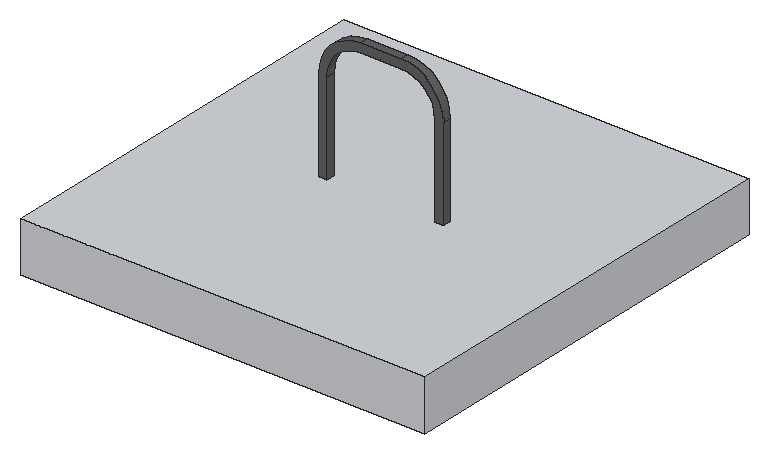
Revit family "Bike_Rack-Saris_Parking-Bike_Dock", category Site, host Face, Revit 2014 (continued)
Definition of nested family "Bicycle-Saris_Parking-2D"
  Definition of nested family "FRONT"
    Lines and regions (in)
      symbolic lines, style "Bike 2D"
        curve 102: spline (1.43216, -32.72886, 24.13098) -> (1.54705, -32.72886, 24.18547) -> (1.69494, -32.72886, 24.22564) -> (1.86479, -32.72886, 24.24847) -> (2.04393, -32.72886, 24.25226) -> (2.21897, -32.72886, 24.23674) -> (2.37687, -32.72886, 24.20306) -> (2.50582, -32.72886, 24.15373) -> (2.59621, -32.72886, 24.09244) -> (2.64129, -32.72886, 24.02376) -> (2.63769, -32.72886, 23.95281) -> (2.58569, -32.72886, 23.8849) -> (2.48916, -32.72886, 23.82509)
        curve 103: line (2.48916, -32.72886, 24.1618) -> (2.48916, -32.72886, 12.40829)
        curve 104: spline (0.0109, -32.72886, 26.78579) -> (0.19912, -32.72886, 26.7645) -> (0.38314, -32.72886, 26.71961) -> (0.55999, -32.72886, 26.65185) -> (0.72684, -32.72886, 26.56229) -> (0.88102, -32.72886, 26.45239) -> (1.02004, -32.72886, 26.32391) -> (1.14168, -32.72886, 26.1789) -> (1.24399, -32.72886, 26.01969) -> (1.32531, -32.72886, 25.84885) -> (1.38435, -32.72886, 25.6691) -> (1.42016, -32.72886, 25.48335) -> (1.43216, -32.72886, 25.29456)
        curve 105: spline (0.0109, -32.72886, 26.56475) -> (0.1762, -32.72886, 26.54429) -> (0.33767, -32.72886, 26.50348) -> (0.49281, -32.72886, 26.44295) -> (0.63923, -32.72886, 26.36366) -> (0.77464, -32.72886, 26.26681) -> (0.89697, -32.72886, 26.15392) -> (1.0043, -32.72886, 26.02673) -> (1.09498, -32.72886, 25.8872) -> (1.16761, -32.72886, 25.73752) -> (1.22105, -32.72886, 25.57998) -> (1.25449, -32.72886, 25.41703) -> (1.2674, -32.72886, 25.2512)
        curve 106: line (1.2674, -32.72886, 25.2512) -> (1.2674, -32.72886, 14.16019)
        curve 107: line (1.43216, -32.72886, 25.29456) -> (1.43216, -32.72886, 14.15103)
        curve 108: spline (1.92611, -32.72886, 12.60219) -> (2.06706, -32.72886, 12.60137) -> (2.20182, -32.72886, 12.58519) -> (2.31967, -32.72886, 12.55496) -> (2.41125, -32.72886, 12.51307) -> (2.46929, -32.72886, 12.46285) -> (2.48916, -32.72886, 12.40829) -> (2.46929, -32.72886, 12.35373) -> (2.41125, -32.72886, 12.30351) -> (2.31967, -32.72886, 12.26162) -> (2.20182, -32.72886, 12.23139) -> (2.06706, -32.72886, 12.21521) -> (1.92611, -32.72886, 12.21439)
        curve 109: spline (1.92611, -32.72886, 12.21439) -> (1.80967, -32.72886, 12.22585) -> (1.70359, -32.72886, 12.24784) -> (1.61398, -32.72886, 12.27908) -> (1.546, -32.72886, 12.31778) -> (1.50358, -32.72886, 12.36169) -> (1.48916, -32.72886, 12.40829) -> (1.50358, -32.72886, 12.45489) -> (1.546, -32.72886, 12.4988) -> (1.61398, -32.72886, 12.5375) -> (1.70359, -32.72886, 12.56874) -> (1.80967, -32.72886, 12.59073) -> (1.92611, -32.72886, 12.60219)
        curve 110: line (1.48916, -32.72886, 14.16019) -> (1.48916, -32.72886, 12.41019)
        curve 111: line (1.23916, -32.72886, 12.41019) -> (1.23916, -32.72886, 14.16019)
        curve 112: line (1.23916, -32.72886, 14.16019) -> (1.48916, -32.72886, 14.16019)
        curve 113: line (2.48916, -32.72886, 18.14677) -> (2.65732, -32.72886, 13.54032)
        curve 114: spline (2.65732, -32.72886, 13.54032) -> (2.66841, -32.72886, 13.53327) -> (2.67476, -32.72886, 13.52597) -> (2.67632, -32.72886, 13.5185) -> (2.67305, -32.72886, 13.51094) -> (2.66501, -32.72886, 13.50339) -> (2.65227, -32.72886, 13.49593) -> (2.635, -32.72886, 13.48865) -> (2.61338, -32.72886, 13.48164) -> (2.58767, -32.72886, 13.47496) -> (2.55816, -32.72886, 13.46871) -> (2.5252, -32.72886, 13.46294) -> (2.48916, -32.72886, 13.45774)
        curve 115: line (2.61416, -32.72886, 12.71421) -> (2.61416, -32.72886, 13.48186)
        curve 116: line (2.48916, -32.72886, 12.71421) -> (2.61416, -32.72886, 12.71421)
        curve 117: line (1.72, -32.72886, 26.07622) -> (1.25791, -32.72886, 25.99408)
        curve 118: line (1.48916, -32.72886, 12.41019) -> (1.23916, -32.72886, 12.41019)
        curve 119: line (0.98916, -32.72886, 29.39579) -> (0.98916, -32.72886, 26.35537)
        curve 120: arc (-1.053, -32.72886, 25.48285) -> (0.00001, -32.72886, 25.9833) -> (1.0748, -32.72886, 25.53151) r 1.4271
        curve 121: line (1.0748, -32.72886, 0.45197) -> (1.0748, -32.72886, 25.53151)
        curve 122: line (6.53264, -32.72886, 16.70214) -> (3.03264, -32.72886, 16.70214)
        curve 123: line (3.03264, -32.72886, 15.47834) -> (6.53264, -32.72886, 15.47834)
        curve 124: line (6.53264, -32.72886, 15.47834) -> (6.53264, -32.72886, 16.70214)
        curve 125: line (3.03264, -32.72886, 16.70214) -> (3.03264, -32.72886, 15.47834)
        curve 126: line (2.09514, -32.72886, 11.39854) -> (1.61416, -32.72886, 11.39854)
        curve 127: line (1.61416, -32.72886, 10.52339) -> (1.61416, -32.72886, 12.279)
        curve 128: line (1.43201, -32.72886, 10.52339) -> (1.61416, -32.72886, 10.52339)
        curve 129: line (1.42977, -32.72886, 10.08488) -> (1.43216, -32.72886, 10.55308)
        curve 130: spline (1.42977, -32.72886, 10.08488) -> (1.43212, -32.72886, 10.06352) -> (1.42843, -32.72886, 10.04217) -> (1.41873, -32.72886, 10.02091) -> (1.40304, -32.72886, 9.99984) -> (1.38144, -32.72886, 9.97904) -> (1.35401, -32.72886, 9.95858) -> (1.32086, -32.72886, 9.93856) -> (1.28213, -32.72886, 9.91905) -> (1.23797, -32.72886, 9.90014) -> (1.18856, -32.72886, 9.88189) -> (1.1341, -32.72886, 9.86438) -> (1.0748, -32.72886, 9.84769)
        curve 131: line (-3.31736, -32.72886, 7.71401) -> (-2.75486, -32.72886, 7.71401)
        curve 132: line (-3.31736, -32.72886, 7.37117) -> (-2.75486, -32.72886, 7.37117)
        curve 133: line (2.09514, -32.72886, 10.83257) -> (2.47014, -32.72886, 10.83257)
        curve 134: line (2.09514, -32.72886, 10.83257) -> (2.09514, -32.72886, 12.22548)
        curve 135: line (2.47014, -32.72886, 12.35489) -> (2.47014, -32.72886, 10.83257)
        curve 136: line (3.03264, -32.72886, 16.3395) -> (2.55514, -32.72886, 16.3395)
        curve 137: line (3.03264, -32.72886, 15.95822) -> (2.56906, -32.72886, 15.95822)
    Dimensions and locks (in)
      aligned and locked: plane 2 to level
  Definition of nested family "BACK"
    Reference planes (in)
      plane 1 "Center (Front/Back)": y = 0
      plane 2: z = 0
      plane 3 "Center (Left/Right)": x = 0
    Lines and regions (in)
      symbolic lines, style "Bike 2D"
        curve 1: line (-2.13398, -32.72886, 38.61259) -> (-0.60631, -32.72886, 38.61259)
        curve 2: line (2.15853, -32.72886, 39.61258) -> (-2.15853, -32.72886, 39.61259)
        curve 3: line (-4.48712, -32.72886, 41.10249) -> (-4.76111, -32.72886, 41.83437)
        curve 4: line (-5.90729, -32.72886, 42.78626) -> (-6.94702, -32.72886, 42.63769)
        curve 5: line (-6.86145, -32.72886, 41.61951) -> (-5.81193, -32.72886, 41.78914)
        curve 6: line (-5.81193, -32.72886, 41.78914) -> (-5.41157, -32.72886, 40.71965)
        curve 7: line (-9.07673, -32.72886, 41.14538) -> (-7.21344, -32.72886, 41.42217)
        curve 8: line (-7.41495, -32.72886, 42.77873) -> (-9.27825, -32.72886, 42.50194)
        curve 9: arc (-7.41495, -32.72886, 42.77873) -> (-7.16521, -32.72886, 42.76056) -> (-6.94702, -32.72886, 42.63769) r 0.57343
        curve 10: arc (-6.86145, -32.72886, 41.61951) -> (-7.01931, -32.72886, 41.4885) -> (-7.21344, -32.72886, 41.42217) r 0.56748
        curve 11: arc (-9.27825, -32.72886, 42.50194) -> (-9.7904, -32.72886, 41.73261) -> (-9.07673, -32.72886, 41.14538) r 0.68925
        curve 12: arc (-5.90729, -32.72886, 42.78626) -> (-5.20771, -32.72886, 42.46262) -> (-4.76111, -32.72886, 41.83437) r 1.50051
        curve 13: arc (-2.15853, -32.72886, 39.61259) -> (-3.54075, -32.72886, 40.01694) -> (-4.48712, -32.72886, 41.10249) r 2.56464
        curve 14: arc (-2.13398, -32.72886, 38.61259) -> (-4.08221, -32.72886, 39.18479) -> (-5.41157, -32.72886, 40.71965) r 3.60272
        curve 15: arc (-6.94702, -32.72886, 42.63769) -> (-7.23963, -32.72886, 42.10041) -> (-6.86145, -32.72886, 41.61951) r 0.55602
        curve 16: line (-0.60631, -32.72886, 37.90795) -> (-0.60631, -32.72886, 39.27317)
        curve 17: line (-0.60631, -32.72886, 39.27317) -> (-0.60631, -32.72886, 39.61259)
        curve 18: line (-0.48131, -32.72886, 34.47766) -> (-0.48131, -32.72886, 33.13048)
        curve 19: line (-1.26369, -32.72886, 37.79678) -> (-2.6967, -32.72886, 37.30892)
        curve 20: line (-4.04629, -32.72886, 35.16642) -> (-3.88564, -32.72886, 36.47484)
        curve 21: line (-3.36378, -32.72886, 34.68596) -> (-3.7035, -32.72886, 34.72767)
        curve 22: line (-2.53039, -32.72886, 34.47766) -> (0.47521, -32.72886, 34.47766)
        curve 23: spline (-0.91884, -32.72886, 31.71068) -> (-1.08101, -32.72886, 31.56216) -> (-1.21986, -32.72886, 31.39168) -> (-1.33245, -32.72886, 31.20288) -> (-1.41638, -32.72886, 30.99975) -> (-1.46988, -32.72886, 30.78659) -> (-1.49181, -32.72886, 30.56794) -> (-1.48171, -32.72886, 30.34843) -> (-1.43979, -32.72886, 30.1327) -> (-1.36694, -32.72886, 29.92535) -> (-1.26471, -32.72886, 29.73076) -> (-1.13526, -32.72886, 29.55306) -> (-0.98134, -32.72886, 29.39602)
        curve 24: line (-2.6967, -32.72886, 37.30892) -> (-3.88564, -32.72886, 36.47484)
        curve 25: arc (-4.04629, -32.72886, 35.16642) -> (-3.96576, -32.72886, 34.87605) -> (-3.7035, -32.72886, 34.72767) r 0.3937
        curve 26: arc (-3.36378, -32.72886, 34.68596) -> (-2.94069, -32.72886, 34.60742) -> (-2.53039, -32.72886, 34.47766) r 3.50811
        curve 27: arc (-1.26369, -32.72886, 37.79678) -> (-0.93947, -32.72886, 37.87882) -> (-0.60631, -32.72886, 37.90795) r 2.08439
        curve 28: line (1.25759, -32.72886, 37.79678) -> (2.6906, -32.72886, 37.30892)
        curve 29: line (4.04019, -32.72886, 35.16642) -> (3.87953, -32.72886, 36.47484)
        curve 30: line (3.35768, -32.72886, 34.68596) -> (3.6974, -32.72886, 34.72767)
        curve 31: line (2.52429, -32.72886, 34.47766) -> (0.47521, -32.72886, 34.47766)
        curve 32: line (2.6906, -32.72886, 37.30892) -> (3.87953, -32.72886, 36.47484)
        curve 33: arc (4.04019, -32.72886, 35.16642) -> (3.95966, -32.72886, 34.87605) -> (3.6974, -32.72886, 34.72767) r 0.3937
        curve 34: arc (3.35768, -32.72886, 34.68596) -> (2.93458, -32.72886, 34.60742) -> (2.52429, -32.72886, 34.47766) r 3.50811
        curve 35: arc (1.25759, -32.72886, 37.79678) -> (0.93337, -32.72886, 37.87882) -> (0.60021, -32.72886, 37.90795) r 2.08439
        curve 36: line (2.12788, -32.72886, 38.61259) -> (0.60021, -32.72886, 38.61259)
        curve 37: line (4.48102, -32.72886, 41.10249) -> (4.75501, -32.72886, 41.83437)
        curve 38: line (5.90119, -32.72886, 42.78626) -> (6.94092, -32.72886, 42.63769)
        curve 39: line (6.85535, -32.72886, 41.61951) -> (5.80583, -32.72886, 41.78914)
        curve 40: line (5.80583, -32.72886, 41.78914) -> (5.40547, -32.72886, 40.71965)
        curve 41: line (9.07063, -32.72886, 41.14538) -> (7.20734, -32.72886, 41.42217)
        curve 42: line (7.40885, -32.72886, 42.77873) -> (9.27215, -32.72886, 42.50194)
        curve 43: arc (7.40885, -32.72886, 42.77873) -> (7.15911, -32.72886, 42.76056) -> (6.94092, -32.72886, 42.63769) r 0.57343
        curve 44: arc (6.85535, -32.72886, 41.61951) -> (7.01321, -32.72886, 41.4885) -> (7.20734, -32.72886, 41.42217) r 0.56748
        curve 45: arc (9.27215, -32.72886, 42.50194) -> (9.7843, -32.72886, 41.73261) -> (9.07063, -32.72886, 41.14538) r 0.68925
        curve 46: arc (5.90119, -32.72886, 42.78626) -> (5.20161, -32.72886, 42.46262) -> (4.75501, -32.72886, 41.83437) r 1.50051
        curve 47: arc (2.15243, -32.72886, 39.61259) -> (3.53465, -32.72886, 40.01694) -> (4.48102, -32.72886, 41.10249) r 2.56464
        curve 48: arc (2.12788, -32.72886, 38.61259) -> (4.07611, -32.72886, 39.18479) -> (5.40547, -32.72886, 40.71965) r 3.60272
        curve 49: arc (6.94092, -32.72886, 42.63769) -> (7.23353, -32.72886, 42.10041) -> (6.85535, -32.72886, 41.61951) r 0.55602
        curve 50: line (0.60021, -32.72886, 37.90795) -> (0.60021, -32.72886, 39.27317)
        curve 51: line (0.60021, -32.72886, 39.27317) -> (0.60021, -32.72886, 39.61258)
        curve 52: line (0.47521, -32.72886, 34.47766) -> (0.47521, -32.72886, 33.11925)
        curve 53: spline (0.95616, -32.72886, 31.67504) -> (1.10635, -32.72886, 31.52779) -> (1.23459, -32.72886, 31.36113) -> (1.3384, -32.72886, 31.17828) -> (1.41576, -32.72886, 30.98281) -> (1.46517, -32.72886, 30.7785) -> (1.48568, -32.72886, 30.56931) -> (1.47687, -32.72886, 30.35931) -> (1.43894, -32.72886, 30.15256) -> (1.3726, -32.72886, 29.95309) -> (1.27915, -32.72886, 29.76476) -> (1.1604, -32.72886, 29.59122) -> (1.01866, -32.72886, 29.43584)
        curve 54: line (-2.08843, -32.72886, 26.09577) -> (-2.08843, -32.72886, 28.19822)
        curve 55: spline (-1.71215, -32.72886, 26.07643) -> (-1.81488, -32.72886, 26.09077) -> (-1.92219, -32.72886, 26.0982) -> (-2.03112, -32.72886, 26.0985) -> (-2.13868, -32.72886, 26.09168) -> (-2.24191, -32.72886, 26.07792) -> (-2.33797, -32.72886, 26.0576) -> (-2.42421, -32.72886, 26.03127) -> (-2.49826, -32.72886, 25.99967) -> (-2.55809, -32.72886, 25.96366) -> (-2.60203, -32.72886, 25.92423) -> (-2.62889, -32.72886, 25.88247) -> (-2.63793, -32.72886, 25.83953)
        curve 56: line (-2.63793, -32.72886, 25.83953) -> (-2.63793, -32.72886, 23.98759)
        curve 57: line (-3.33131, -32.72886, 8.08135) -> (-6.83131, -32.72886, 8.08135)
        curve 58: line (-6.83131, -32.72886, 6.85755) -> (-3.33131, -32.72886, 6.85755)
        curve 59: line (-6.83131, -32.72886, 8.08135) -> (-6.83131, -32.72886, 6.85755)
        curve 60: line (-3.33131, -32.72886, 6.85755) -> (-3.33131, -32.72886, 8.08135)
        curve 61: line (-2.76881, -32.72886, 7.00371) -> (-2.76881, -32.72886, 13.97398)
        curve 62: line (-2.39381, -32.72886, 13.97398) -> (-2.39381, -32.72886, 7.00371)
        curve 63: line (-2.76881, -32.72886, 7.00371) -> (-2.39381, -32.72886, 7.00371)
        curve 64: line (-1.71215, -32.72886, 26.07643) -> (-1.32416, -32.72886, 26.00746)
        curve 65: line (-2.39381, -32.72886, 11.39875) -> (-1.60631, -32.72886, 11.39875)
        curve 66: line (-1.60631, -32.72886, 10.5236) -> (-1.60631, -32.72886, 11.39875)
        curve 67: line (-1.42416, -32.72886, 10.5236) -> (-1.60631, -32.72886, 10.5236)
        curve 68: line (-1.42192, -32.72886, 10.08509) -> (-1.42416, -32.72886, 10.5236)
        curve 69: spline (-1.42192, -32.72886, 10.08509) -> (-1.42427, -32.72886, 10.06373) -> (-1.42058, -32.72886, 10.04238) -> (-1.41088, -32.72886, 10.02112) -> (-1.39519, -32.72886, 10.00005) -> (-1.37359, -32.72886, 9.97925) -> (-1.34616, -32.72886, 9.95879) -> (-1.31301, -32.72886, 9.93877) -> (-1.27428, -32.72886, 9.91926) -> (-1.23012, -32.72886, 9.90034) -> (-1.18071, -32.72886, 9.8821) -> (-1.12625, -32.72886, 9.86459) -> (-1.06695, -32.72886, 9.8479)
        curve 70: arc (1.06085, -32.72886, 0.45217) -> (-0.01395, -32.72886, 0.00021) -> (-1.06695, -32.72886, 0.50087) r 1.42671
        curve 71: line (2.08233, -32.72886, 28.19822) -> (-2.08843, -32.72886, 28.19822)
        curve 72: line (2.08233, -32.72886, 26.09803) -> (2.08233, -32.72886, 28.19822)
        curve 73: spline (1.7235, -32.72886, 26.07153) -> (1.82683, -32.72886, 26.08792) -> (1.93568, -32.72886, 26.09717) -> (2.04691, -32.72886, 26.09901) -> (2.15733, -32.72886, 26.09339) -> (2.26376, -32.72886, 26.08048) -> (2.36315, -32.72886, 26.06064) -> (2.45263, -32.72886, 26.03444) -> (2.52964, -32.72886, 26.00264) -> (2.59196, -32.72886, 25.96615) -> (2.6378, -32.72886, 25.92602) -> (2.66585, -32.72886, 25.88341) -> (2.67528, -32.72886, 25.83953)
        curve 74: line (2.67528, -32.72886, 25.83953) -> (2.67528, -32.72886, 23.99365)
        curve 75: line (0.95616, -32.72886, 31.86108) -> (0.95616, -32.72886, 30.82553)
        curve 76: line (6.51869, -32.72886, 16.70235) -> (3.01869, -32.72886, 16.70235)
        curve 77: line (3.01869, -32.72886, 15.47855) -> (6.51869, -32.72886, 15.47855)
        curve 78: line (6.51869, -32.72886, 15.47855) -> (6.51869, -32.72886, 16.70235)
        curve 79: line (3.01869, -32.72886, 16.70235) -> (3.01869, -32.72886, 15.47855)
        curve 80: line (2.26866, -32.72886, 11.39875) -> (1.64366, -32.72886, 11.39875)
        curve 81: line (1.64366, -32.72886, 10.5236) -> (1.64366, -32.72886, 11.39875)
        curve 82: line (1.41806, -32.72886, 10.5236) -> (1.64366, -32.72886, 10.5236)
        curve 83: line (1.41582, -32.72886, 10.08509) -> (1.41806, -32.72886, 10.5236)
        curve 84: spline (1.41582, -32.72886, 10.08509) -> (1.4182, -32.72886, 10.06502) -> (1.41525, -32.72886, 10.04495) -> (1.40698, -32.72886, 10.02496) -> (1.39343, -32.72886, 10.00512) -> (1.37464, -32.72886, 9.9855) -> (1.35067, -32.72886, 9.96616) -> (1.32162, -32.72886, 9.94718) -> (1.28759, -32.72886, 9.92862) -> (1.24869, -32.72886, 9.91055) -> (1.20507, -32.72886, 9.89304) -> (1.15689, -32.72886, 9.87614) -> (1.10431, -32.72886, 9.85992)
        curve 85: line (-3.33131, -32.72886, 7.71421) -> (-2.76881, -32.72886, 7.71421)
        curve 86: line (-3.33131, -32.72886, 7.37138) -> (-2.76881, -32.72886, 7.37138)
        curve 87: line (3.01869, -32.72886, 16.3397) -> (2.55619, -32.72886, 16.3397)
        curve 88: line (3.01869, -32.72886, 15.95843) -> (2.58882, -32.72886, 15.95843)
        curve 89: arc (3.67351, 0, 36.61937) -> (2.44805, 0, 36.84995) -> (1.22258, 0, 36.61937) r 3.37182
        curve 90: arc (1.22258, 0, 36.61937) -> (0.17797, 0, 36.32929) -> (-0.88937, 0, 36.51937) r 2.44511
        curve 91: arc (-3.67351, 0, 36.61937) -> (-2.44994, 0, 36.84995) -> (-1.2261, 0, 36.62074) r 3.37182
        curve 92: line (-0.88937, 0, 36.51937) -> (-1.2261, 0, 36.62074)
        curve 93: line (0.60021, 0, 37.90795) -> (-0.60631, 0, 37.90795)
        curve 94: line (-0.91884, 0, 30.82553) -> (-0.91884, 0, 31.86108)
        curve 95: spline (0.47521, 0, 33.45151) -> (0.54878, 0, 33.41409) -> (0.60256, 0, 33.37183) -> (0.63453, 0, 33.32631) -> (0.64351, 0, 33.27925) -> (0.62915, 0, 33.23238) -> (0.59199, 0, 33.18748) -> (0.53342, 0, 33.1462) -> (0.45563, 0, 33.1101) -> (0.36152, 0, 33.08052) -> (0.2546, 0, 33.05856) -> (0.13888, 0, 33.04505) -> (0.01866, 0, 33.04049)
        curve 96: spline (0.01866, 0, 33.04049) -> (-0.09593, 0, 33.04463) -> (-0.20665, 0, 33.05691) -> (-0.30972, 0, 33.07692) -> (-0.40166, 0, 33.10397) -> (-0.47934, 0, 33.13715) -> (-0.54014, 0, 33.17533) -> (-0.582, 0, 33.21723) -> (-0.60348, 0, 33.26141) -> (-0.60387, 0, 33.30638) -> (-0.58316, 0, 33.35062) -> (-0.54203, 0, 33.39262) -> (-0.4819, 0, 33.43097)
        curve 97: line (-0.60634, 0, 31.55215) -> (-0.60634, 0, 33.28472)
        curve 98: line (0.64366, 0, 33.28472) -> (0.64366, 0, 31.55215)
        curve 99: spline (0.64366, 0, 32.13413) -> (0.66663, 0, 32.12583) -> (0.68888, 0, 32.11724) -> (0.71038, 0, 32.10835) -> (0.73111, 0, 32.0992) -> (0.75105, 0, 32.08978) -> (0.77017, 0, 32.0801) -> (0.78845, 0, 32.07018) -> (0.80588, 0, 32.06002) -> (0.82243, 0, 32.04965) -> (0.83808, 0, 32.03906) -> (0.85282, 0, 32.02828) -> (0.86664, 0, 32.01731)
        curve 100: line (0.91063, 0, 31.7483) -> (0.57465, 0, 31.34254)
        curve 101: line (0.33679, 0, 31.27493) -> (-0.29947, 0, 31.27493)
        curve 102: spline (-0.29947, 0, 31.27493) -> (-0.32562, 0, 31.27546) -> (-0.3515, 0, 31.27707) -> (-0.37679, 0, 31.27972) -> (-0.40124, 0, 31.28339) -> (-0.42458, 0, 31.28804) -> (-0.44654, 0, 31.29362) -> (-0.46688, 0, 31.30007) -> (-0.48539, 0, 31.30731) -> (-0.50186, 0, 31.31527) -> (-0.5161, 0, 31.32386) -> (-0.52797, 0, 31.33298) -> (-0.53733, 0, 31.34254)
        curve 103: line (-0.53733, 0, 31.34254) -> (-0.8733, 0, 31.7483)
        curve 104: spline (-0.8733, 0, 31.7483) -> (-0.88966, 0, 31.77039) -> (-0.90243, 0, 31.79284) -> (-0.91157, 0, 31.81556) -> (-0.91705, 0, 31.83846) -> (-0.91884, 0, 31.86145) -> (-0.91693, 0, 31.88444) -> (-0.91133, 0, 31.90733) -> (-0.90207, 0, 31.93005) -> (-0.88918, 0, 31.95249) -> (-0.87272, 0, 31.97457) -> (-0.85273, 0, 31.9962) -> (-0.82932, 0, 32.0173)
        curve 105: spline (-0.82932, 0, 32.0173) -> (-0.81551, 0, 32.02827) -> (-0.80076, 0, 32.03906) -> (-0.78511, 0, 32.04964) -> (-0.76856, 0, 32.06002) -> (-0.75113, 0, 32.07017) -> (-0.73285, 0, 32.08009) -> (-0.71372, 0, 32.08977) -> (-0.69379, 0, 32.0992) -> (-0.67306, 0, 32.10835) -> (-0.65155, 0, 32.11724) -> (-0.62931, 0, 32.12583) -> (-0.60634, 0, 32.13413)
        curve 106: spline (0.86664, 0, 32.01731) -> (0.89005, 0, 31.99621) -> (0.91004, 0, 31.97457) -> (0.92651, 0, 31.95249) -> (0.9394, 0, 31.93005) -> (0.94866, 0, 31.90734) -> (0.95425, 0, 31.88444) -> (0.95616, 0, 31.86145) -> (0.95438, 0, 31.83846) -> (0.9489, 0, 31.81556) -> (0.93976, 0, 31.79284) -> (0.92699, 0, 31.77039) -> (0.91063, 0, 31.7483)
        curve 107: spline (0.57465, 0, 31.34254) -> (0.56529, 0, 31.33298) -> (0.55343, 0, 31.32386) -> (0.53918, 0, 31.31527) -> (0.52272, 0, 31.30731) -> (0.50421, 0, 31.30007) -> (0.48386, 0, 31.29362) -> (0.4619, 0, 31.28804) -> (0.43857, 0, 31.28339) -> (0.41412, 0, 31.27972) -> (0.38882, 0, 31.27707) -> (0.36295, 0, 31.27546) -> (0.33679, 0, 31.27493)
        curve 108: arc (0.64366, 0, 31.55215) -> (0.01866, 0, 31.42561) -> (-0.60634, 0, 31.55215) r 1.60673
        curve 109: line (0.57465, 0, 30.30699) -> (0.91063, 0, 30.71275)
        curve 110: line (-0.29947, 0, 30.23938) -> (0.33679, 0, 30.23938)
        curve 111: line (-0.8733, 0, 30.71275) -> (-0.53733, 0, 30.30699)
        curve 112: spline (-0.29947, 0, 30.23938) -> (-0.32562, 0, 30.23991) -> (-0.3515, 0, 30.24152) -> (-0.37679, 0, 30.24417) -> (-0.40124, 0, 30.24784) -> (-0.42458, 0, 30.25249) -> (-0.44654, 0, 30.25807) -> (-0.46688, 0, 30.26452) -> (-0.48539, 0, 30.27176) -> (-0.50186, 0, 30.27972) -> (-0.5161, 0, 30.28831) -> (-0.52797, 0, 30.29743) -> (-0.53733, 0, 30.30699)
        curve 113: spline (0.57465, 0, 30.30699) -> (0.56529, 0, 30.29743) -> (0.55343, 0, 30.28831) -> (0.53918, 0, 30.27972) -> (0.52272, 0, 30.27176) -> (0.50421, 0, 30.26452) -> (0.48386, 0, 30.25807) -> (0.4619, 0, 30.25249) -> (0.43857, 0, 30.24784) -> (0.41412, 0, 30.24417) -> (0.38882, 0, 30.24152) -> (0.36295, 0, 30.23991) -> (0.33679, 0, 30.23938)
        curve 114: spline (0.95616, 0, 30.82553) -> (0.95584, 0, 30.81597) -> (0.95489, 0, 30.80643) -> (0.9533, 0, 30.79689) -> (0.95107, 0, 30.78738) -> (0.94821, 0, 30.77789) -> (0.94471, 0, 30.76844) -> (0.94059, 0, 30.75902) -> (0.93584, 0, 30.74965) -> (0.93046, 0, 30.74033) -> (0.92447, 0, 30.73107) -> (0.91785, 0, 30.72187) -> (0.91063, 0, 30.71275)
        curve 115: spline (-0.8733, 0, 30.71275) -> (-0.88053, 0, 30.72187) -> (-0.88714, 0, 30.73107) -> (-0.89313, 0, 30.74033) -> (-0.89851, 0, 30.74965) -> (-0.90326, 0, 30.75902) -> (-0.90738, 0, 30.76844) -> (-0.91088, 0, 30.77789) -> (-0.91374, 0, 30.78738) -> (-0.91597, 0, 30.79689) -> (-0.91756, 0, 30.80643) -> (-0.91852, 0, 30.81597) -> (-0.91884, 0, 30.82553)
        curve 116: line (0.58898, 0, 30.32429) -> (0.58898, 0, 28.41672)
        curve 117: line (-0.55165, 0, 28.41672) -> (-0.55165, 0, 30.32429)
        curve 118: line (-0.98134, 0, 28.41672) -> (-0.98134, 0, 31.66131)
        curve 119: line (1.01866, 0, 31.59649) -> (1.01866, 0, 28.41672)
        curve 120: line (1.10431, 0, 28.41672) -> (-1.06698, 0, 28.41672)
        curve 121: line (1.10431, 0, 26.16672) -> (1.10431, 0, 28.41672)
        curve 122: line (-1.06698, 0, 28.41672) -> (-1.06698, 0, 26.16672)
        curve 123: line (1.10431, 0, 26.16672) -> (-1.06698, 0, 26.16672)
        curve 124: line (-1.06698, 0, 17.00715) -> (-1.06698, 0, 0.50086)
        curve 125: line (1.10431, 0, 17.00715) -> (1.10431, 0, 0.50086)
        curve 126: line (1.77436, 0, 18.12581) -> (1.77436, 0, 13.49479)
        curve 127: line (1.51866, 0, 13.49479) -> (1.51866, 0, 18.18283)
        curve 128: line (-1.73703, 0, 13.49479) -> (-1.73703, 0, 18.12581)
        curve 129: line (-1.48703, 0, 18.12581) -> (-1.48703, 0, 13.49479)
        curve 130: spline (1.77436, 0, 13.49479) -> (1.7701, 0, 13.46479) -> (1.75761, 0, 13.43683) -> (1.73775, 0, 13.41282) -> (1.71186, 0, 13.3944) -> (1.68171, 0, 13.38282) -> (1.64936, 0, 13.37887) -> (1.617, 0, 13.38282) -> (1.58686, 0, 13.3944) -> (1.56097, 0, 13.41282) -> (1.5411, 0, 13.43683) -> (1.52862, 0, 13.46479) -> (1.52436, 0, 13.49479)
        curve 131: spline (-1.48703, 0, 13.49479) -> (-1.49129, 0, 13.46479) -> (-1.50378, 0, 13.43683) -> (-1.52364, 0, 13.41282) -> (-1.54953, 0, 13.3944) -> (-1.57968, 0, 13.38282) -> (-1.61203, 0, 13.37887) -> (-1.64438, 0, 13.38282) -> (-1.67453, 0, 13.3944) -> (-1.70042, 0, 13.41282) -> (-1.72028, 0, 13.43683) -> (-1.73277, 0, 13.46479) -> (-1.73703, 0, 13.49479)
        curve 132: line (1.16928, 0, 27.83616) -> (2.62781, 0, 13.95916)
        curve 133: line (2.51866, 0, 23.8253) -> (2.51866, 0, 16.77831)
        curve 134: line (1.7235, 0, 26.07153) -> (2.66566, 0, 15.06038)
        curve 135: line (1.46166, 0, 14.74328) -> (1.46166, 0, 16.76895)
        curve 136: line (1.2969, 0, 16.76895) -> (1.2969, 0, 14.74328)
        curve 137: line (1.2969, 0, 14.74328) -> (1.46166, 0, 14.74328)
        curve 138: line (1.46166, 0, 16.76895) -> (1.2969, 0, 16.76895)
        curve 139: line (-1.25957, 0, 16.76895) -> (-1.42195, 0, 16.76895)
        curve 140: line (-1.25957, 0, 14.74328) -> (-1.25957, 0, 16.76895)
        curve 141: line (-1.42195, 0, 16.76895) -> (-1.42195, 0, 14.74328)
        curve 142: line (-1.42195, 0, 14.74328) -> (-1.25957, 0, 14.74328)
        curve 143: spline (2.26866, 0, 13.44134) -> (2.21711, 0, 13.44124) -> (2.16665, 0, 13.44222) -> (2.11806, 0, 13.44426) -> (2.07208, 0, 13.44735) -> (2.02943, 0, 13.45142) -> (1.99076, 0, 13.45642) -> (1.95667, 0, 13.46227) -> (1.92769, 0, 13.46887) -> (1.90425, 0, 13.47614) -> (1.88672, 0, 13.48395) -> (1.87538, 0, 13.49219) -> (1.87038, 0, 13.50072)
        curve 144: line (2.64366, 0, 11.0475) -> (2.64366, 0, 13.95916)
        curve 145: line (2.26866, 0, 11.04963) -> (2.64366, 0, 11.0475)
        curve 146: line (2.26866, 0, 13.95916) -> (2.26866, 0, 11.04963)
        curve 147: line (2.64366, 0, 13.95916) -> (2.26866, 0, 13.95916)
        curve 148: line (2.66566, 0, 15.06038) -> (2.71021, 0, 13.5205)
        curve 149: spline (2.70589, 0, 13.52038) -> (2.70554, 0, 13.51712) -> (2.70428, 0, 13.51386) -> (2.70212, 0, 13.51058) -> (2.69907, 0, 13.50731) -> (2.69513, 0, 13.50405) -> (2.69031, 0, 13.50081) -> (2.68463, 0, 13.49759) -> (2.67809, 0, 13.4944) -> (2.6707, 0, 13.49124) -> (2.66249, 0, 13.48813) -> (2.65347, 0, 13.48507) -> (2.64366, 0, 13.48207)
        curve 150: line (-2.08846, 0, 8.56646) -> (-2.08846, 0, 11.39875)
        curve 151: line (-2.23134, 0, 11.39875) -> (-2.23134, 0, 8.56646)
        curve 152: line (-2.08846, 0, 8.56646) -> (-2.23134, 0, 8.56646)
        curve 153: line (1.51866, 0, 12.87483) -> (1.51866, 0, 11.12483)
        curve 154: line (1.26866, 0, 11.12483) -> (1.26866, 0, 12.87483)
        curve 155: line (1.26866, 0, 12.87483) -> (1.51866, 0, 12.87483)
        curve 156: line (1.51866, 0, 11.12483) -> (1.26866, 0, 11.12483)
        curve 157: line (-1.23134, 0, 12.87483) -> (-1.23134, 0, 11.12483)
        curve 158: line (-1.48134, 0, 11.12483) -> (-1.48134, 0, 12.87483)
        curve 159: line (-1.48134, 0, 12.87483) -> (-1.23134, 0, 12.87483)
        curve 160: line (-1.23134, 0, 11.12483) -> (-1.48134, 0, 11.12483)
        curve 161: line (1.77436, 0, 16.81969) -> (1.87038, 0, 13.50072)
        curve 162: line (2.08233, 0, 27.83616) -> (-2.08843, 0, 27.83616)
        curve 163: line (1.7235, 0, 26.07153) -> (1.36231, 0, 25.99964)
        curve 164: line (1.97995, 0, 23.62017) -> (2.4718, 0, 23.80569)
        curve 165: spline (2.67528, 0, 23.99365) -> (2.67379, 0, 23.97615) -> (2.66932, 0, 23.95873) -> (2.66189, 0, 23.94147) -> (2.65154, 0, 23.92445) -> (2.63832, 0, 23.90774) -> (2.62227, 0, 23.89142) -> (2.60349, 0, 23.87556) -> (2.58204, 0, 23.86025) -> (2.55804, 0, 23.84553) -> (2.53158, 0, 23.8315) -> (2.50279, 0, 23.81819) -> (2.4718, 0, 23.80569)
        curve 166: line (2.4718, 0, 25.65157) -> (1.78956, 0, 25.39423)
        curve 167: spline (2.67462, 0, 25.82787) -> (2.67142, 0, 25.81138) -> (2.66556, 0, 25.79501) -> (2.65709, 0, 25.77881) -> (2.64603, 0, 25.76286) -> (2.63242, 0, 25.74722) -> (2.61632, 0, 25.73196) -> (2.5978, 0, 25.71713) -> (2.57693, 0, 25.7028) -> (2.5538, 0, 25.68902) -> (2.5285, 0, 25.67586) -> (2.50113, 0, 25.66335) -> (2.4718, 0, 25.65157)
        curve 168: line (1.74957, 0, 25.76687) -> (2.51866, 0, 18.60048)
        curve 169: line (-1.16928, 0, 27.83616) -> (-2.62781, 0, 13.95916)
        curve 170: line (-2.51866, 0, 23.84437) -> (-2.51866, 0, 14.99765)
        curve 171: line (-1.71627, 0, 26.07716) -> (-2.51866, 0, 18.60048)
        curve 172: spline (-2.43448, 0, 25.65157) -> (-2.46514, 0, 25.66393) -> (-2.49364, 0, 25.67707) -> (-2.51988, 0, 25.69093) -> (-2.54371, 0, 25.70546) -> (-2.56505, 0, 25.72058) -> (-2.58379, 0, 25.73623) -> (-2.59985, 0, 25.75234) -> (-2.61317, 0, 25.76884) -> (-2.62367, 0, 25.78565) -> (-2.63132, 0, 25.8027) -> (-2.63608, 0, 25.81991) -> (-2.63793, 0, 25.83722)
        curve 173: line (-1.78811, 0, 25.40776) -> (-2.43448, 0, 25.65157)
        curve 174: spline (-2.43448, 0, 23.80569) -> (-2.46514, 0, 23.81805) -> (-2.49364, 0, 23.83119) -> (-2.51988, 0, 23.84506) -> (-2.54371, 0, 23.85958) -> (-2.56505, 0, 23.87471) -> (-2.58379, 0, 23.89036) -> (-2.59985, 0, 23.90647) -> (-2.61317, 0, 23.92296) -> (-2.62367, 0, 23.93977) -> (-2.63132, 0, 23.95682) -> (-2.63608, 0, 23.97404) -> (-2.63793, 0, 23.99134)
        curve 175: line (-2.43448, 0, 23.80569) -> (-1.9785, 0, 23.6337)
        curve 176: line (-2.76881, 0, 13.97398) -> (-2.39381, 0, 13.97398)
        curve 177: line (-1.73703, 0, 18.10984) -> (-1.87038, 0, 13.50072)
        curve 178: spline (-2.39381, 0, 13.44608) -> (-2.33247, 0, 13.44296) -> (-2.27014, 0, 13.44136) -> (-2.20821, 0, 13.44133) -> (-2.14806, 0, 13.44287) -> (-2.09102, 0, 13.44593) -> (-2.03837, 0, 13.45045) -> (-1.99128, 0, 13.45634) -> (-1.9508, 0, 13.46346) -> (-1.91783, 0, 13.47164) -> (-1.8931, 0, 13.48072) -> (-1.87717, 0, 13.49049) -> (-1.87038, 0, 13.50072)
        curve 179: line (1.26866, 0, 11.49983) -> (1.10431, 0, 11.49983)
        curve 180: line (1.26866, 0, 12.62586) -> (1.10431, 0, 12.62586)
        curve 181: line (-1.23134, 0, 12.62586) -> (-1.06698, 0, 12.62586)
        curve 182: line (-1.23134, 0, 11.49983) -> (-1.06698, 0, 11.49983)
        curve 183: line (-1.48134, 0, 12.64488) -> (-2.39381, 0, 12.8652)
        curve 184: line (1.51866, 0, 12.64488) -> (2.26866, 0, 12.81135)
        curve 185: line (1.46166, 0, 18.52838) -> (1.46166, 0, 25.05437)
        curve 186: line (-1.43864, 0, 18.51994) -> (-1.43864, 0, 25.27336)
        curve 187: line (1.46166, 0, 16.76895) -> (1.46166, 0, 18.24446)
        curve 188: line (-1.42433, 0, 18.24811) -> (-1.42433, 0, 16.80956)
        curve 189: spline (-1.42195, 0, 16.76895) -> (-1.37282, 0, 16.89836) -> (-1.22878, 0, 17.01895) -> (-0.99965, 0, 17.12251) -> (-0.70105, 0, 17.20197) -> (-0.35331, 0, 17.25192) -> (0.01986, 0, 17.26895) -> (0.39302, 0, 17.25192) -> (0.74076, 0, 17.20197) -> (1.03937, 0, 17.12251) -> (1.2685, 0, 17.01895) -> (1.41253, 0, 16.89836) -> (1.46166, 0, 16.76895)
        curve 190: spline (1.2969, 0, 16.76895) -> (1.25334, 0, 16.88575) -> (1.12565, 0, 16.99458) -> (0.92251, 0, 17.08804) -> (0.65778, 0, 17.15975) -> (0.3495, 0, 17.20483) -> (0.01866, 0, 17.22021) -> (-0.31217, 0, 17.20483) -> (-0.62045, 0, 17.15975) -> (-0.88519, 0, 17.08804) -> (-1.08832, 0, 16.99458) -> (-1.21602, 0, 16.88575) -> (-1.25957, 0, 16.76895)
        curve 191: spline (1.51866, 0, 18.18283) -> (1.46541, 0, 18.28957) -> (1.31337, 0, 18.38709) -> (1.07291, 0, 18.46875) -> (0.7604, 0, 18.52898) -> (0.39716, 0, 18.56368) -> (0.00792, 0, 18.57049) -> (-0.38077, 0, 18.54893) -> (-0.74244, 0, 18.50048) -> (-1.05244, 0, 18.42843) -> (-1.28963, 0, 18.33771) -> (-1.43787, 0, 18.23449) -> (-1.48703, 0, 18.12581)
        curve 192: spline (1.77436, 0, 18.12581) -> (1.71453, 0, 18.30872) -> (1.53914, 0, 18.47917) -> (1.26013, 0, 18.62553) -> (0.89651, 0, 18.73784) -> (0.47307, 0, 18.80844) -> (0.01866, 0, 18.83252) -> (-0.43574, 0, 18.80844) -> (-0.85918, 0, 18.73784) -> (-1.2228, 0, 18.62553) -> (-1.50181, 0, 18.47917) -> (-1.67721, 0, 18.30872) -> (-1.73703, 0, 18.12581)
    Dimensions and locks (in)
      aligned and locked: plane 2 to level
  Definition of nested family "LEFT"
    Reference planes (in)
      plane 1 "Center (Front/Back)": y = 0
      plane 2: z = 0
      plane 3 "Center (Left/Right)": x = 0
    Lines and regions (in)
      model lines, style "Bike 2D", detail levels medium+fine
        curve 1: arc (0, -19.05326, 26.00711) -> (0, -30.20344, 5.24387) -> (0, -7.11208, 9.95851) r 13.01394
        curve 3: arc (0, 11.55519, 28.64595) -> (0, 1.13692, 31.63631) -> (0, -9.70201, 31.62308) r 38.73598
        curve 4: line (0, -7.0513, 37.86404) -> (0, -9.70201, 31.62308)
        curve 5: line (0, -10.62102, 32.01731) -> (0, -8.44266, 37.14618)
        curve 6: line (0, -9.34159, 39.13036) -> (0, -8.03739, 38.10037)
        curve 7: line (0, -8.44266, 37.14618) -> (0, -9.89705, 38.29479)
        curve 8: line (0, -7.97172, 38.25497) -> (0, -7.0513, 37.86404)
        curve 9: line (0, -8.03739, 38.10037) -> (0, -7.97172, 38.25497)
        curve 10: line (0, -8.00592, 41.35788) -> (0, -9.574, 38.85297)
        curve 11: line (0, -10.42314, 39.38729) -> (0, -8.80461, 41.95945)
        curve 12: line (0, -11.03813, 38.26513) -> (0, -10.60445, 39.28158)
        curve 13: line (0, -9.63348, 38.46649) -> (0, -10.55944, 37.86329)
        curve 14: line (0, -10.55944, 37.86329) -> (0, -11.03813, 38.26513)
        curve 15: arc (0, -9.35697, 39.19965) -> (0, -9.37522, 38.78781) -> (0, -9.63348, 38.46649) r 0.6625
        curve 16: arc (0, -10.60445, 39.28158) -> (0, -10.47142, 39.48205) -> (0, -10.27557, 39.62179) r 0.6625
        curve 17: line (0, -5.08529, 41.60976) -> (0, -7.34183, 41.79882)
        curve 18: line (0, -7.29161, 42.79812) -> (0, -5.03709, 42.60923)
        curve 19: line (0, -4.70508, 42.79206) -> (0, -1.48965, 42.51527)
        curve 20: line (0, -1.60727, 41.14888) -> (0, -4.8227, 41.42567)
        curve 21: spline (0, -1.48965, 42.51527) -> (0, -1.38074, 42.48244) -> (0, -1.28326, 42.4053) -> (0, -1.20385, 42.28908) -> (0, -1.14793, 42.14173) -> (0, -1.1193, 41.97327) -> (0, -1.11992, 41.79518) -> (0, -1.14975, 41.61962) -> (0, -1.20674, 41.45853) -> (0, -1.28702, 41.3229) -> (0, -1.38512, 41.22196) -> (0, -1.49435, 41.16261) -> (0, -1.60727, 41.14888)
        curve 22: spline (0, -4.8227, 41.42567) -> (0, -4.94168, 41.45936) -> (0, -5.04854, 41.53732) -> (0, -5.136, 41.65422) -> (0, -5.19811, 41.80211) -> (0, -5.23062, 41.97091) -> (0, -5.23132, 42.1491) -> (0, -5.20018, 42.32456) -> (0, -5.13929, 42.48531) -> (0, -5.05283, 42.62041) -> (0, -4.94668, 42.72065) -> (0, -4.82806, 42.7792) -> (0, -4.70508, 42.79206)
        curve 23: arc (0, -7.34183, 41.79882) -> (0, -7.72148, 41.65006) -> (0, -8.00592, 41.35788) r 0.96592
        curve 24: arc (0, -7.29161, 42.79812) -> (0, -8.17547, 42.60855) -> (0, -8.80461, 41.95945) r 1.55527
        curve 25: arc (0, -9.574, 38.85297) -> (0, -10.26131, 38.70258) -> (0, -10.42314, 39.38729) r 0.5017
        curve 26: line (0, -13.37848, 26.39811) -> (0, -10.93519, 32.15075)
        curve 27: line (0, -10.93519, 32.15075) -> (0, -9.69512, 31.62406)
        curve 28: line (0, -7.43251, 30.43989) -> (0, -9.58704, 30.20886)
        curve 29: line (0, -9.58704, 30.20886) -> (0, -10.30738, 28.51285)
        curve 30: line (0, -10.30738, 28.51285) -> (0, -7.31556, 26.2265)
        curve 31: line (0, -10.88553, 27.15162) -> (0, -11.53764, 25.61626)
        curve 32: line (0, -9.30179, 25.94455) -> (0, -10.88553, 27.15162)
        curve 33: line (0, 11.55519, 28.64595) -> (0, 12.58772, 31.07817)
        curve 34: line (0, 12.42082, 27.48626) -> (0, 13.73834, 30.58971)
        curve 35: line (0, 13.6317, 33.53736) -> (0, 14.78231, 33.0489)
        curve 36: line (0, 13.02734, 32.11372) -> (0, 13.6317, 33.53736)
        curve 37: line (0, 14.78231, 33.0489) -> (0, 14.17795, 31.62526)
        curve 38: line (0, 14.98338, 31.28334) -> (0, 12.73968, 32.23583)
        curve 39: line (0, 12.30007, 31.20028) -> (0, 14.54376, 30.24779)
        curve 40: line (0, 12.30007, 31.20028) -> (0, 12.73968, 32.23583)
        curve 41: line (0, 14.54376, 30.24779) -> (0, 14.98338, 31.28334)
        curve 42: line (0, -13.94248, 23.7912) -> (0, -18.85646, 12.22145)
        curve 43: line (0, -19.77688, 12.61238) -> (0, -14.85657, 24.19703)
        curve 44: line (0, -14.2097, 26.10668) -> (0, -15.00695, 24.26179)
        curve 45: line (0, -12.16738, 25.22711) -> (0, -14.2097, 26.10668)
        curve 46: line (0, -13.37848, 26.39811) -> (0, -11.53764, 25.61626)
        curve 47: line (0, -11.67537, 25.67476) -> (0, -12.15224, 24.56747)
        curve 48: line (0, -12.16738, 25.22711) -> (0, -12.96233, 23.38124)
        curve 49: line (0, -15.00695, 24.26179) -> (0, -12.96233, 23.38124)
        curve 50: arc (0, 14.68419, 34.52185) -> (0, 14.1475, 34.06646) -> (0, 13.74423, 33.48959) r 2.74576
        curve 51: arc (0, 16.42368, 34.6674) -> (0, 16.02013, 34.18558) -> (0, 15.50194, 33.82992) r 2.31731
        curve 52: arc (0, 15.50194, 33.82992) -> (0, 15.0385, 33.51703) -> (0, 14.66971, 33.0967) r 2.18382
        curve 53: line (0, 20.51684, 35.16998) -> (0, 15.27957, 34.52692)
        curve 54: arc (0, 15.27957, 34.52692) -> (0, 14.14854, 34.63583) -> (0, 13.16951, 35.21252) r 2.62489
        curve 55: arc (0, 13.16951, 35.21252) -> (0, 11.77073, 36.17388) -> (0, 10.152, 36.68426) r 5.74147
        curve 56: arc (0, 10.152, 36.68426) -> (0, 10.14218, 37.52379) -> (0, 10.88805, 37.90926) r 0.79956
        curve 57: arc (0, 10.88805, 37.90926) -> (0, 12.33251, 37.6371) -> (0, 13.68222, 37.05499) r 6.66595
        curve 58: arc (0, 13.68222, 37.05499) -> (0, 14.84222, 36.60203) -> (0, 16.0834, 36.50064) r 4.29795
        curve 59: arc (0, 19.60452, 36.85828) -> (0, 17.8473, 36.64658) -> (0, 16.0834, 36.50064) r 47.3927
        curve 60: arc (0, 19.60452, 36.85828) -> (0, 20.19328, 36.75944) -> (0, 20.61931, 36.34122) r 0.99432
        curve 61: arc (0, 20.61931, 36.34122) -> (0, 20.74188, 35.74039) -> (0, 20.51684, 35.16998) r 1.0776
        curve 62: arc (0, 4.42224, 29.55164) -> (0, -1.74133, 28.92929) -> (0, -7.31556, 26.2265) r 17.74826
        curve 63: arc (0, -7.43251, 30.43989) -> (0, -1.4647, 30.53549) -> (0, 4.42224, 29.55164) r 32.9099
        curve 64: arc (0, -6.70748, 25.63172) -> (0, 1.92531, 28.75753) -> (0, 10.95116, 27.0753) r 17.47395
        curve 65: spline (0, -17.25065, 32.00287) -> (0, -16.64254, 31.92016) -> (0, -16.08119, 31.74167) -> (0, -15.60484, 31.47957) -> (0, -15.24597, 31.15172) -> (0, -15.02904, 30.78047) -> (0, -14.96881, 30.39111) -> (0, -15.06941, 30.01018) -> (0, -15.32396, 29.66364) -> (0, -15.71513, 29.3751) -> (0, -16.21626, 29.16422) -> (0, -16.7932, 29.04539) -> (0, -17.40663, 29.0267)
        curve 66: line (0, -17.24846, 32.04466) -> (0, -17.40663, 29.0267)
        curve 67: line (0, -18.05165, 32.05023) -> (0, -17.24846, 32.04466)
        curve 68: line (0, -18.206, 29.10511) -> (0, -17.40663, 29.0267)
        curve 69: line (0, -18.05165, 32.05023) -> (0, -18.206, 29.10511)
        curve 70: line (0, -15.33722, 29.65075) -> (0, -15.13119, 29.16038)
        curve 71: line (0, -15.50188, 28.88883) -> (0, -15.94308, 29.26352)
        curve 72: arc (0, -15.13119, 29.16038) -> (0, -15.20938, 28.87832) -> (0, -15.50188, 28.88883) r 0.23622
        curve 73: line (0, -14.11543, 28.08634) -> (0, -15.25272, 28.85316)
        curve 74: line (0, -15.1134, 29.05132) -> (0, -13.99302, 28.2959)
        curve 75: line (0, -13.66452, 27.85863) -> (0, -13.48841, 26.34121)
        curve 76: line (0, -13.71557, 26.19765) -> (0, -13.9051, 27.83071)
        curve 77: arc (0, -13.9051, 27.83071) -> (0, -13.97261, 27.98951) -> (0, -14.11543, 28.08634) r 0.30532
        curve 78: arc (0, -13.99302, 28.2959) -> (0, -13.76958, 28.12173) -> (0, -13.66452, 27.85863) r 0.54208
        curve 79: arc (0, -18.05165, 32.05023) -> (0, -18.33151, 30.58829) -> (0, -18.206, 29.10511) r 5.45811
        curve 80: arc (0, -19.01195, 26.79533) -> (0, -16.64507, 26.46618) -> (0, -14.36918, 25.73763) r 13.94018
        curve 81: line (0, -19.01195, 26.79533) -> (0, -19.09457, 25.21889)
        curve 82: arc (0, -19.09457, 25.21889) -> (0, -17.00516, 24.92917) -> (0, -14.99543, 24.28843) r 12.36158
        curve 83: arc (0, -13.94248, 23.7912) -> (0, -9.57135, 19.90108) -> (0, -7.47905, 14.43645) r 12.36158
        curve 84: arc (0, -12.15224, 24.56747) -> (0, -7.92448, 20.26925) -> (0, -5.90706, 14.58782) r 13.94018
        curve 85: arc (0, -19.74152, 24.4925) -> (0, -17.39082, 24.24951) -> (0, -15.13952, 23.53083) r 11.49213
        curve 86: arc (0, -14.24021, 23.0902) -> (0, -10.22347, 19.44053) -> (0, -8.32946, 14.35457) r 11.49213
        curve 87: arc (0, -19.74152, 0.50928) -> (0, -32.22825, 13.33065) -> (0, -19.0812, 25.474) r 12.4911
        curve 88: arc (0, -7.59881, 10.07088) -> (0, -12.01382, 3.18661) -> (0, -19.74152, 0.50928) r 12.4911
        curve 89: arc (0, -5.87842, 14.3382) -> (0, -5.82714, 12.02664) -> (0, -6.15863, 9.73839) r 13.94018
        curve 90: arc (0, -7.44983, 14.18689) -> (0, -7.40237, 12.12988) -> (0, -7.69677, 10.0935) r 12.36158
        curve 91: line (0, -7.69677, 10.0935) -> (0, -6.15863, 9.73839)
        curve 92: line (0, -5.69218, 14.35613) -> (0, -18.47247, 13.12553)
        curve 93: line (0, -18.36071, 13.38867) -> (0, -5.71626, 14.60619)
        curve 94: line (0, -18.85646, 12.22145) -> (0, -19.77688, 12.61238)
        curve 95: line (0, -21.0865, 14.00546) -> (0, -18.77415, 14.97326)
        curve 96: arc (0, -20.61421, 13.04643) -> (0, -20.82551, 13.3299) -> (0, -20.54204, 13.5412) r 0.25
        curve 97: arc (0, -20.54204, 13.5412) -> (0, -20.33074, 13.25772) -> (0, -20.61421, 13.04643) r 0.25
        curve 98: arc (0, -20.45454, 12.42759) -> (0, -20.92019, 12.48845) -> (0, -21.28731, 12.78128) r 0.875
        curve 99: line (0, -19.94694, 12.21199) -> (0, -20.63725, 12.50519)
        curve 100: line (0, -20.63725, 12.50519) -> (0, -20.34406, 13.1955)
        curve 101: line (0, -19.77688, 12.61238) -> (0, -19.94694, 12.21199)
        curve 102: line (0, -20.80427, 13.39097) -> (0, -21.09746, 12.70065)
        curve 103: arc (0, -21.32757, 12.79838) -> (0, -21.46165, 12.93489) -> (0, -21.45994, 13.12622) r 0.25
        curve 104: line (0, -21.45994, 13.12622) -> (0, -21.0865, 14.00546)
        curve 105: arc (0, -21.44356, 13.16479) -> (0, -21.38399, 13.63472) -> (0, -21.08824, 14.00474) r 0.875
        curve 106: line (0, -21.09746, 12.70065) -> (0, -21.32757, 12.79838)
        curve 107: arc (0, -5.69218, 14.35613) -> (0, -5.59065, 14.4921) -> (0, -5.71626, 14.60619) r 0.12619
        curve 108: arc (0, -13.37848, 26.39811) -> (0, -13.68327, 26.22041) -> (0, -13.95705, 25.99787) r 2.28332
        curve 109: arc (0, -11.75933, 25.71042) -> (0, -11.99902, 25.49888) -> (0, -12.16738, 25.22711) r 1.09462
        curve 110: line (0, 5.85682, 15.07507) -> (0, 10.95116, 27.0753)
        curve 111: line (0, 12.04358, 26.72966) -> (0, 7.10683, 15.10066)
        curve 112: spline (0, 11.59515, 26.96467) -> (0, 11.58646, 26.97517) -> (0, 11.59089, 27.01207) -> (0, 11.60812, 27.07272) -> (0, 11.63693, 27.15276) -> (0, 11.67523, 27.24647) -> (0, 11.7203, 27.3471) -> (0, 11.76888, 27.44745) -> (0, 11.81749, 27.5403) -> (0, 11.86265, 27.619) -> (0, 11.90112, 27.6779) -> (0, 11.93013, 27.71277) -> (0, 11.9476, 27.72111)
        curve 113: arc (0, 5.08647, 15.05931) -> (0, 13.35572, 15.11623) -> (0, 21.60161, 14.49254) r 100.41611
        curve 114: arc (0, 2.21953, 10.62713) -> (0, 2.51533, 13.57912) -> (0, 5.08647, 15.05931) r 3.24803
        curve 115: arc (0, 7.30564, 9.31658) -> (0, 6.14159, 8.7021) -> (0, 4.82916, 8.60135) r 3.24016
        curve 116: arc (0, 4.82916, 8.60135) -> (0, 3.6254, 9.00727) -> (0, 2.67023, 9.8448) r 3.24016
        curve 117: arc (0, 2.67023, 9.8448) -> (0, 2.41583, 10.21923) -> (0, 2.21953, 10.62713) r 3.05648
        curve 118: arc (0, 8.1489, 10.38265) -> (0, 8.06709, 10.2274) -> (0, 7.97699, 10.07681) r 3.24016
        curve 119: line (0, 9.20645, 7.8671) -> (0, 5.68896, 10.5494)
        curve 120: line (0, 6.3917, 11.42256) -> (0, 10.35726, 8.05621)
        curve 121: arc (0, 1.25814, 16.05593) -> (0, 1.21661, 15.8701) -> (0, 1.07428, 15.7436) r 0.31
        curve 122: arc (0, 0.88633, 16.70944) -> (0, 1.11297, 16.63923) -> (0, 1.22358, 16.42933) r 0.31
        curve 123: line (0, 0.50795, 16.67442) -> (0, 0.88633, 16.70944)
        curve 124: line (0, 1.22358, 16.42933) -> (0, 1.25814, 16.05593)
        curve 125: arc (0, 5.51037, 10.62266) -> (0, 4.06486, 12.56028) -> (0, 6.27773, 11.58711) r 1.25
        curve 126: arc (0, 5.68896, 10.5494) -> (0, 4.8145, 11.03445) -> (0, 4.11535, 11.74938) r 3.45884
        curve 127: arc (0, 4.88304, 12.70325) -> (0, 5.73092, 12.1731) -> (0, 6.3917, 11.42256) r 3.45884
        curve 128: line (0, 4.12219, 12.03139) -> (0, 4.60901, 12.63628)
        curve 129: arc (0, 5.04301, 11.40716) -> (0, 4.66817, 11.78201) -> (0, 5.04301, 12.15686) r 0.37485
        curve 130: arc (0, 5.04301, 12.15686) -> (0, 5.41786, 11.78201) -> (0, 5.04301, 11.40716) r 0.37485
        curve 131: arc (0, 5.04301, 12.03186) -> (0, 5.29286, 11.78201) -> (0, 5.04301, 11.53216) r 0.24985
        curve 132: arc (0, 5.04301, 11.53216) -> (0, 4.79317, 11.78201) -> (0, 5.04301, 12.03186) r 0.24985
        curve 133: arc (0, 4.11535, 11.74938) -> (0, 4.07099, 11.89155) -> (0, 4.12219, 12.03139) r 0.23202
        curve 134: arc (0, 4.60901, 12.63628) -> (0, 4.73468, 12.7162) -> (0, 4.88304, 12.70325) r 0.23202
        curve 135: line (0, 9.67512, 7.85022) -> (0, 11.04267, 7.97679)
        curve 136: arc (0, 9.48707, 7.89307) -> (0, 9.58451, 7.88664) -> (0, 9.67512, 7.85022) r 0.31
        curve 137: line (0, 9.10869, 7.85805) -> (0, 9.48707, 7.89307)
        curve 138: arc (0, 8.82858, 7.5208) -> (0, 8.89879, 7.74744) -> (0, 9.10869, 7.85805) r 0.31
        curve 139: line (0, 8.86314, 7.14739) -> (0, 8.82858, 7.5208)
        curve 140: arc (0, 9.20039, 6.86728) -> (0, 8.97375, 6.93749) -> (0, 8.86314, 7.14739) r 0.31
        curve 141: line (0, 9.57877, 6.9023) -> (0, 9.20039, 6.86728)
        curve 142: arc (0, 9.75576, 6.97894) -> (0, 9.67338, 6.92651) -> (0, 9.57877, 6.9023) r 0.31
        curve 143: line (0, 11.12331, 7.10551) -> (0, 9.75576, 6.97894)
        curve 144: arc (0, 11.31136, 7.06266) -> (0, 11.21392, 7.06909) -> (0, 11.12331, 7.10551) r 0.31
        curve 145: line (0, 11.68975, 7.09768) -> (0, 11.31136, 7.06266)
        curve 146: arc (0, 11.96986, 7.43493) -> (0, 11.89965, 7.20829) -> (0, 11.68975, 7.09768) r 0.31
        curve 147: line (0, 11.9353, 7.80833) -> (0, 11.96986, 7.43493)
        curve 148: arc (0, 11.59805, 8.08844) -> (0, 11.82469, 8.01823) -> (0, 11.9353, 7.80833) r 0.31
        curve 149: line (0, 11.21967, 8.05342) -> (0, 11.59805, 8.08844)
        curve 150: arc (0, 11.04267, 7.97679) -> (0, 11.12506, 8.02922) -> (0, 11.21967, 8.05342) r 0.31
        curve 151: arc (0, 10.62433, 7.93807) -> (0, 10.48225, 7.97782) -> (0, 10.35726, 8.05621) r 0.51519
        curve 152: arc (0, 0.39339, 16.64072) -> (0, 0.44903, 16.66314) -> (0, 0.50795, 16.67442) r 0.31
        curve 153: line (0, 0.53318, 16.44788) -> (0, 1.15612, 15.63708)
        curve 154: line (0, -1.60303, 16.47905) -> (0, -1.27922, 16.50902)
        curve 155: arc (0, -1.88314, 16.1418) -> (0, -1.81293, 16.36844) -> (0, -1.60303, 16.47905) r 0.31
        curve 156: line (0, -1.84858, 15.76839) -> (0, -1.88314, 16.1418)
        curve 157: arc (0, -1.51133, 15.48828) -> (0, -1.73797, 15.55849) -> (0, -1.84858, 15.76839) r 0.31
        curve 158: line (0, -1.13295, 15.5233) -> (0, -1.51133, 15.48828)
        curve 159: arc (0, -0.95595, 15.59994) -> (0, -1.03834, 15.54751) -> (0, -1.13295, 15.5233) r 0.31
        curve 160: line (0, -0.64182, 15.62901) -> (0, -0.95595, 15.59994)
        curve 161: line (0, 1.92607, 14.76035) -> (0, 2.78517, 13.93894)
        curve 162: line (0, 1.15612, 15.63708) -> (0, 1.92607, 14.76035)
        curve 163: line (0, -0.00315, 17.1878) -> (0, 0.53318, 16.44788)
        curve 164: line (0, -0.47557, 17.85295) -> (0, -0.00315, 17.1878)
        curve 165: line (0, -0.90846, 18.47513) -> (0, -0.47557, 17.85295)
        curve 166: line (0, -1.3269, 19.08675) -> (0, -0.90846, 18.47513)
        curve 167: line (0, -1.75583, 19.7204) -> (0, -1.3269, 19.08675)
        curve 168: line (0, -2.2197, 20.40786) -> (0, -1.75583, 19.7204)
        curve 169: line (0, -2.7482, 21.18512) -> (0, -2.2197, 20.40786)
        curve 170: line (0, -3.39675, 22.0834) -> (0, -2.7482, 21.18512)
        curve 171: line (0, -4.22062, 23.10564) -> (0, -3.39675, 22.0834)
        curve 172: line (0, -5.27548, 24.25692) -> (0, -4.22062, 23.10564)
        curve 173: line (0, -6.70748, 25.63172) -> (0, -5.27548, 24.25692)
        curve 174: line (0, -6.48256, 23.43932) -> (0, -7.73301, 24.62038)
        curve 175: line (0, -7.73301, 24.62038) -> (0, -9.30179, 25.94455)
        curve 176: line (0, -5.49761, 22.38974) -> (0, -6.48256, 23.43932)
        curve 177: line (0, -4.72413, 21.45783) -> (0, -5.49761, 22.38974)
        curve 178: line (0, -4.10743, 20.62716) -> (0, -4.72413, 21.45783)
        curve 179: line (0, -3.59173, 19.87792) -> (0, -4.10743, 20.62716)
        curve 180: line (0, -3.13396, 19.19981) -> (0, -3.59173, 19.87792)
        curve 181: line (0, -2.7145, 18.57865) -> (0, -3.13396, 19.19981)
        curve 182: line (0, -2.31232, 17.98713) -> (0, -2.7145, 18.57865)
        curve 183: line (0, -1.90685, 17.39851) -> (0, -2.31232, 17.98713)
        curve 184: line (0, -1.47746, 16.78624) -> (0, -1.90685, 17.39851)
        curve 185: line (0, -1.00398, 16.12409) -> (0, -1.47746, 16.78624)
        curve 186: line (0, -0.46095, 15.38176) -> (0, -1.00398, 16.12409)
        curve 187: line (0, 0.20425, 14.53806) -> (0, -0.46095, 15.38176)
        curve 188: line (0, 1.04126, 13.6129) -> (0, 0.20425, 14.53806)
        curve 189: line (0, 2.09765, 12.62703) -> (0, 1.04126, 13.6129)
        curve 190: arc (0, -12.15224, 24.56747) -> (0, -12.54619, 24.15423) -> (0, -12.84021, 23.66482) r 2.59433
        curve 191: line (0, 11.9476, 27.72111) -> (0, 12.63039, 27.38225)
        curve 192: line (0, 11.59515, 26.96467) -> (0, 12.30491, 26.60906)
        curve 193: line (0, 12.30491, 26.60906) -> (0, 12.94292, 26.25664)
        curve 194: line (0, 12.63039, 27.38225) -> (0, 13.29917, 27.01616)
        curve 195: line (0, 13.29917, 27.01616) -> (0, 13.95287, 26.62342)
        curve 196: line (0, 12.94292, 26.25664) -> (0, 13.56644, 25.8788)
        curve 197: line (0, 13.56644, 25.8788) -> (0, 14.17448, 25.47613)
        curve 198: line (0, 14.63536, 25.77528) -> (0, 13.9979, 26.23751)
        curve 199: line (0, 15.19179, 26.54267) -> (0, 14.63536, 25.77528)
        curve 200: line (0, 13.95287, 26.62342) -> (0, 14.17292, 26.47889)
        curve 201: line (0, 14.33859, 26.70736) -> (0, 18.3302, 28.086)
        curve 202: line (0, 13.9979, 26.23751) -> (0, 14.33859, 26.70736)
        curve 203: line (0, 18.62067, 27.72695) -> (0, 15.19179, 26.54267)
        curve 204: line (0, 15.81318, 25.29183) -> (0, 15.21088, 25.76056)
        curve 205: line (0, 15.21088, 25.76056) -> (0, 14.82497, 26.03679)
        curve 206: line (0, 14.17448, 25.47613) -> (0, 14.76607, 25.04928)
        curve 207: line (0, 14.76607, 25.04928) -> (0, 15.34025, 24.59892)
        curve 208: arc (0, 8.81656, 15.13677) -> (0, 11.01438, 20.58926) -> (0, 15.2351, 24.6814) r 14.17697
        curve 209: line (0, 15.34025, 24.59892) -> (0, 15.8961, 24.12579)
        curve 210: line (0, 16.39639, 24.79921) -> (0, 15.81318, 25.29183)
        curve 211: line (0, 16.95956, 24.2835) -> (0, 16.39639, 24.79921)
        curve 212: arc (0, 16.00335, 25.1312) -> (0, 22.34486, 26.84836) -> (0, 28.77953, 25.52235) r 14.17697
        curve 213: line (0, 15.8961, 24.12579) -> (0, 16.43274, 23.63062)
        curve 214: arc (0, 10.41533, 15.17404) -> (0, 12.53481, 20.03641) -> (0, 16.46598, 23.59739) r 12.6128
        curve 215: line (0, 16.43274, 23.63062) -> (0, 17.15373, 22.90987)
        curve 216: line (0, 17.9036, 23.31367) -> (0, 17.5018, 23.74553)
        curve 217: line (0, 17.5018, 23.74553) -> (0, 16.95956, 24.2835)
        curve 218: arc (0, 17.23704, 24.00821) -> (0, 22.60417, 25.28962) -> (0, 28.00471, 24.15721) r 12.6128
        curve 219: line (0, 29.96514, 27.84457) -> (0, 18.62067, 27.72695)
        curve 220: line (0, 18.3302, 28.086) -> (0, 29.96514, 28.20663)
        curve 221: line (0, 30.35839, 28.42514) -> (0, 30.35839, 26.17514)
        curve 222: line (0, 30.13772, 26.17514) -> (0, 30.13772, 27.97094)
        curve 223: line (0, 30.35839, 26.17514) -> (0, 30.13772, 26.17514)
        curve 224: line (0, 30.13772, 28.42514) -> (0, 30.35839, 28.42514)
        curve 225: arc (0, 29.96514, 28.20663) -> (0, 30.14617, 28.0256) -> (0, 29.96514, 27.84457) r 0.18103
        curve 226: line (0, 30.13772, 28.08027) -> (0, 30.13772, 28.42514)
        curve 227: line (0, 22.47777, 14.41946) -> (0, 29.37262, 26.56729)
        curve 228: line (0, 29.60743, 26.43401) -> (0, 22.55705, 14.01216)
        curve 229: line (0, 29.08248, 27.60278) -> (0, 28.72064, 27.80591)
        curve 230: arc (0, 29.02364, 25.40545) -> (0, 32.84312, 22.66271) -> (0, 35.55538, 18.82153) r 14.17697
        curve 231: arc (0, 28.24997, 24.04235) -> (0, 31.66355, 21.63023) -> (0, 34.10137, 18.23496) r 12.6128
        curve 232: arc (0, 35.66189, 18.59492) -> (0, 35.94022, 17.94685) -> (0, 36.18598, 17.28574) r 14.17697
        curve 233: arc (0, 34.2095, 18.009) -> (0, 34.47434, 17.39973) -> (0, 34.70673, 16.77737) r 12.6128
        curve 234: line (0, 35.77393, 18.64012) -> (0, 23.19099, 13.56394)
        curve 235: line (0, 23.01162, 13.76116) -> (0, 35.66406, 18.86537)
        curve 236: line (0, 21.31716, 15.59136) -> (0, 21.51082, 14.88446)
